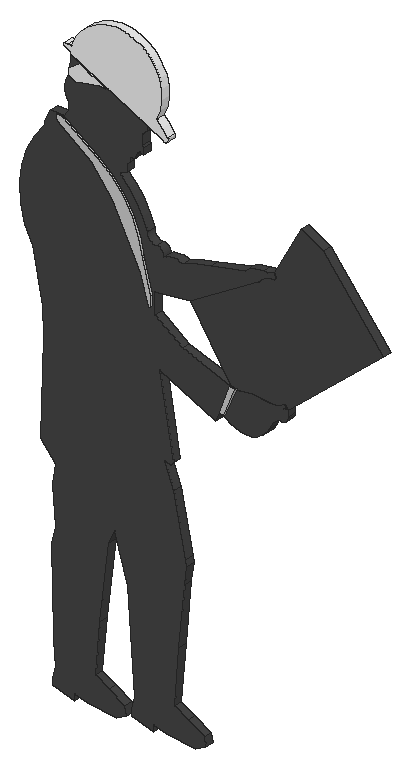
Revit family "Architect holding drawings", category Generic Models, Revit 2014
Parameters
  Suit = Black Suit
  Shirt = Off white
  Hard Hat = Hard Hat White
Reference planes (in)
  plane 1 "Center (Front/Back)": y = 0
  plane 2: z = 0
  plane 3 "Center (Left/Right)": x = 0
Forms (in)
  Extrusion 1, solid
    sketch origin (0, 0, 0) x (1, 0, 0) y (0, 0, 1)
      loop
        line (-32.29231, 68.62424) -> (-32.29231, 68.0216) -> (-32.44483, 66.27826)
        arc (-32.44483, 66.27826) -> (-32.95781, 65.06627) -> (-32.66309, 63.78361) r 2.13629
        arc (-32.66309, 63.78361) -> (-32.46969, 62.73408) -> (-33.01038, 61.81399) r 1.5279
        line (-33.01038, 61.81399) -> (-34.6222, 61.81399) -> (-35.27976, 60.4658) -> (-35.27976, 59.9658)
        arc (-35.27976, 59.9658) -> (-37.40803, 56.7041) -> (-38.27588, 52.90738) r 11.07752
        arc (-38.27588, 52.90738) -> (-37.95959, 49.69587) -> (-36.73115, 46.7118) r 11.07752
        arc (-36.73115, 46.7118) -> (-36.54809, 45.22094) -> (-36.2102, 43.75737) r 14.35016
        arc (-36.2102, 43.75737) -> (-35.58321, 40.67561) -> (-35.44603, 37.5337) r 20.04165
        line (-35.44603, 37.5337) -> (-35.82993, 26.54041) -> (-34.06226, 24.43378) -> (-34.33647, 22.20055) -> (-34.02256, 17.71152) -> (-34.5402, 15.77966) -> (-34.20866, 6.28545) -> (-34.27096, 6.13125) -> (-34.27096, 5.63125) -> (-34.0419, 2.81177) -> (-34.37864, 1.55502) -> (-34.37864, 0.80502) -> (-31.72235, 0.09327) -> (-31.72235, 0.74519) -> (-30.22235, 0.34327) -> (-26.73566, 0.03822) -> (-25.60278, 0.56649) -> (-25.77643, 1.5513) -> (-27.72498, 2.6763) -> (-29.32593, 3.60061) -> (-28.80885, 9.51088) -> (-27.74249, 18.19566) -> (-27.00291, 19.7817) -> (-25.48691, 14.49476) -> (-24.66932, 2.80272) -> (-25.00364, 1.55502) -> (-25.00364, 0.80502) -> (-22.34735, 0.09327) -> (-22.34735, 0.74519) -> (-20.84735, 0.34327) -> (-17.36066, 0.03822) -> (-16.22778, 0.56649) -> (-16.40143, 1.5513) -> (-18.34998, 2.6763) -> (-19.94351, 3.59632) -> (-19.38503, 9.97981) -> (-18.77494, 16.95317) -> (-18.42764, 18.92279) -> (-18.58357, 19.6564) -> (-20.03896, 26.50343) -> (-21.11406, 29.30418) -> (-20.86406, 29.30418) -> (-20.41091, 29.09287) -> (-20.05735, 29.44642) -> (-21.69593, 38.73926) -> (-15.025, 35.62855) -> (-14.53309, 36.68346) -> (-13.82395, 36.43928)
        arc (-13.82395, 36.43928) -> (-11.05895, 35.45959) -> (-8.61308, 37.0791) r 3.28598
        arc (-8.61308, 37.0791) -> (-8.17614, 37.85469) -> (-7.48821, 38.41968) r 2.41866
        arc (-7.48821, 38.41968) -> (-6.77035, 38.43847) -> (-6.41675, 39.06347) r 0.72915
        line (-6.41675, 39.06347) -> (-6.41675, 39.81347) -> (-6.91675, 39.81347)
        arc (-6.91675, 39.81347) -> (-6.66675, 40.06347) -> (-6.91675, 40.31347) r 0.25
        arc (-6.91675, 40.31347) -> (-7.70969, 39.89205) -> (-8.60712, 39.86054) r 1.99763
        arc (-8.60712, 39.86054) -> (-10.60712, 40.05272) -> (-12.60712, 39.86054) r 10.50284
        line (-12.60712, 39.86054) -> (-18.98937, 42.05812)
        arc (-18.98937, 42.05812) -> (-20.59624, 43.25017) -> (-22.26598, 44.35243) r 36.5245
        line (-22.26598, 44.35243) -> (-22.26598, 46.85243) -> (-18.04765, 47.37038) -> (-9.90457, 52.26324)
        arc (-9.90457, 52.26324) -> (-9.07714, 52.87031) -> (-8.06744, 53.05379) r 2.2838
        arc (-8.06744, 53.05379) -> (-7.95232, 53.42879) -> (-8.06744, 53.80379) r 0.66833
        arc (-8.06744, 53.80379) -> (-8.67118, 53.62853) -> (-9.29845, 53.58673) r 2.91645
        arc (-9.29845, 53.58673) -> (-10.43055, 53.43869) -> (-11.44696, 52.91858) r 3.34562
        arc (-11.44696, 52.91858) -> (-13.49965, 52.36329) -> (-15.58803, 51.96254) r 28.50923
        arc (-15.58803, 51.96254) -> (-17.29857, 51.57195) -> (-18.9351, 50.93924) r 12.15969
        arc (-18.9351, 50.93924) -> (-20.0601, 51.25004) -> (-21.1851, 50.93924) r 2.19146
        arc (-21.1851, 50.93924) -> (-21.44398, 51.56424) -> (-22.06898, 51.82312) r 0.88388
        arc (-22.06898, 51.82312) -> (-22.81898, 52.13378) -> (-23.12964, 52.88378) r 1.06066
        arc (-23.12964, 52.88378) -> (-24.38009, 55.70609) -> (-26.44979, 57.99636) r 9.75488
        line (-26.44979, 57.99636) -> (-25.53122, 58.39164) -> (-25.53122, 59.28813) -> (-25.17767, 59.64168) -> (-25.17767, 60.14168) -> (-24.67767, 60.14168) -> (-24.34105, 60.83185) -> (-24.02274, 61.15017) -> (-23.84596, 60.97339) -> (-23.53942, 60.97339) -> (-23.53942, 61.72339) -> (-23.65997, 62.00353) -> (-23.65997, 63.12498) -> (-23.12964, 63.65531) -> (-23.12964, 64.15531) -> (-32.29231, 68.62424)
    from 0 to 1
  Extrusion 2, solid
    sketch origin (0, 0, 0) x (1, 0, 0) y (0, 0, 1)
      loop
        line (-32.24771, 68.79808) -> (-32.24771, 68.57929) -> (-21.23748, 63.20924)
        arc (-21.23748, 63.20924) -> (-20.7634, 63.26549) -> (-20.70715, 63.73957) r 0.38571
        arc (-20.70715, 63.73957) -> (-21.29278, 64.55357) -> (-21.99272, 65.27166) r 6.73894
        arc (-21.99272, 65.27166) -> (-24.73761, 72.8813) -> (-32.11828, 69.5697) r 5.51574
        line (-32.11828, 69.5697) -> (-32.61828, 69.5697)
        arc (-32.61828, 69.5697) -> (-32.97183, 69.5697) -> (-32.97183, 69.21615) r 0.25
        line (-32.97183, 69.21615) -> (-32.24771, 68.79808)
    from 0 to 1
  Extrusion 3, solid
    sketch origin (0, 0, 0) x (1, 0, 0) y (0, 0, 1)
      loop
        line (-32.34743, 67.16473) -> (-32.34743, 66.38343) -> (-31.56446, 66.00155) -> (-30.67003, 66.15926) -> (-28.70042, 66.50656) -> (-27.95042, 66.50656) -> (-31.0962, 68.04086) -> (-32.34743, 67.16473)
    from -0.125 to 1.16797
  Extrusion 4, solid
    sketch origin (0, 0, 0) x (1, 0, 0) y (0, 0, 1)
      loop
        line (-33.81629, 61.76058) -> (-33.81629, 61.31399) -> (-33.63951, 61.13721) -> (-29.59443, 58.19829)
        arc (-29.59443, 58.19829) -> (-27.17283, 54.99476) -> (-25.35508, 51.4139) r 22.64885
        arc (-25.35508, 51.4139) -> (-23.85963, 48.37722) -> (-22.84532, 45.14783) r 22.10727
        line (-22.84532, 45.14783) -> (-22.59532, 45.14783) -> (-22.59532, 46.39783) -> (-23.56589, 50.02006)
        arc (-23.56589, 50.02006) -> (-25.26775, 54.97647) -> (-28.84503, 58.80602) r 12.55179
        line (-28.84503, 58.80602) -> (-33.08006, 61.76058) -> (-33.81629, 61.76058)
      loop
        line (-13.24523, 40.08026) -> (-14.38472, 36.77095) -> (-14.00159, 36.63902) -> (-12.60712, 39.86054) -> (-13.24523, 40.08026)
    from -0.125 to 1.16797
  Extrusion 5, solid
    sketch origin (0, 0, 0) x (1, 0, 0) y (0, 0, 1)
      loop
        line (-18.04765, 47.37038) -> (-13.24523, 40.08026) -> (-12.60712, 39.86054)
        arc (-12.60712, 39.86054) -> (-10.60712, 40.05272) -> (-8.60712, 39.86054) r 10.50284
        arc (-8.60712, 39.86054) -> (-7.70969, 39.89205) -> (-6.91675, 40.31347) r 1.99763
        line (-6.91675, 40.31347) -> (-6.41675, 39.81347) -> (4.90874, 49.51015) -> (-2.17111, 58.25304) -> (-4.79497, 59.70747) -> (-8.06744, 53.80379)
        arc (-8.06744, 53.80379) -> (-7.95232, 53.42879) -> (-8.06744, 53.05379) r 0.66833
        arc (-8.06744, 53.05379) -> (-9.07714, 52.87031) -> (-9.90457, 52.26324) r 2.2838
        line (-9.90457, 52.26324) -> (-18.04765, 47.37038)
    from 0 to 1
Dimensions and locks (in)
  aligned and locked: plane 2 to level
